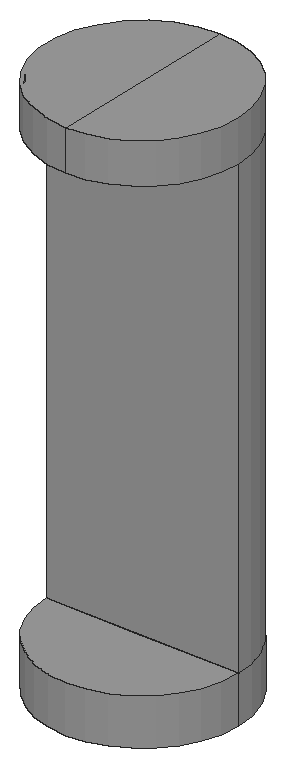
Revit family "99056_HOST_FACE", category Lighting Fixtures, host Face, Revit 2015
Parameters (values of type "Bollards")
  Wattage = 10.1318 W
  built-in parameter 1150110 = 1 (stored number, unit not read)
  URL = "www.bega-us.com"
  built-in parameter 1114217 = 1 (stored number, unit not read)
  Tilt Angle = 90.00°
  built-in parameter 1150109 = 1 (stored number, unit not read)
  built-in parameter 1150134 = (empty or 0)
  Telephone = "805.684.0533"
  built-in parameter 1150113 = 1 (stored number, unit not read)
  Photometric Web File = "99056.ies"
  Model = "99 056"
  Manufacturer = "BEGA-US"
  built-in parameter 1150105 = 119.76 (stored number, unit not read)
  Lumens = 1505 lm
  built-in parameter 1150115 = 1 (stored number, unit not read)
  built-in parameter 1150137 = (empty or 0)
  built-in parameter 1150139 = (empty or 0)
  built-in parameter 1150112 = 1 (stored number, unit not read)
  built-in parameter 1150114 = 1 (stored number, unit not read)
  Lamp = "18.9W LED"
  built-in parameter 1150132 = 2
  built-in parameter 1150102 = (empty or 0)
  built-in parameter 1150107 = 3000 (stored number, unit not read)
  built-in parameter 1150138 = (empty or 0)
  built-in parameter 1150106 = 1.1976 (stored number, unit not read)
  built-in parameter 1150104 = 13.8 (stored number, unit not read)
  Dimming Lamp Color Temperature Shift = <None>
  Description = "LED Bollard with shielded light source"
  Default Elevation = 0' - 0"
  Color Filter = 16777215
  built-in parameter 1114218 = 1 (stored number, unit not read)
  built-in parameter 1150133 = 10 (stored number, unit not read)
Types (4): name | Wattage | built-in parameter 1150134 | Photometric Web File | Model | built-in parameter 1150105 | Lumens | Lamp | built-in parameter 1150107 | built-in parameter 1150106 | Description | Default Elevation
  (no name) | 10.1318 W | (empty or 0) | "99056.ies" | "99 056" | 119.76 (stored number, unit not read) | 1505 lm | "18.9W LED" | 3000 (stored number, unit not read) | 1.1976 (stored number, unit not read) | "LED Bollard with shielded light source" | 0' - 0"
  Wall Luminaires - Directed Light | 18.4392 W | (empty or 0) | "generic" | "2260LED" | 217.96 (stored number, unit not read) | 2739 lm | "44.6W LED" | 3000 (stored number, unit not read) | 2.1796 (stored number, unit not read) | "Surface wall with cutoff optics" | 6' - 0"
  Wall Luminaires - Linear | 9.92985 W | 9 | "generic" | "4425P" | 117.38 (stored number, unit not read) | 1475 lm | "(1) 39W CF twin-4-p" | 3450 (stored number, unit not read) | 1.1738 (stored number, unit not read) | "Suface wall - linear with white acrylic diffuser" | 0' - 0"
  Bollards | 10.1318 W | (empty or 0) | "99056.ies" | "99 056" | 119.76 (stored number, unit not read) | 1505 lm | "18.9W LED" | 3000 (stored number, unit not read) | 1.1976 (stored number, unit not read) | "LED Bollard with shielded light source" | 0' - 0"
Reference planes (in)
  plane 1 "Center (Front/Back)": y = 0
  plane 2: z = 0
  plane 3 "Center (Left/Right)": x = 0
Dimensions and locks (in)
  aligned and locked: plane 2 to host face
  aligned and locked: level to host face
Nested families (in)
  nested 1: "99056" at (0, 0, 0), type "99056"
Connectors (in)
  electrical at (0, 0, 0)
    settings: on host face, index 1, voltage 0 V, apparent load 0 VA, apparent load phase1 0 VA, apparent load phase2 0 VA, apparent load phase3 0 VA, power factor 1, load classification "Other", number of poles 1, system type 31, power factor state 1, is connector primary yes, connector utility no, sub classification motor no, connector description ""
Definition of nested family "99056"
  Reference planes (in)
    plane 1 "Center (Front/Back)": y = 0
    plane 2: z = 0
    plane 3 "Center (Left/Right)": x = 0
  Forms (in)
    Revolve 1, solid
      sketch origin (0, 0, 0) x (1, 0, 0) y (0, 0, 1)
        loop
          line (0, 0) -> (3.8125, 0) -> (3.8125, 1.875) -> (0, 1.875) -> (0, 0)
        axis (0, 1.875) -> (0, 0)
      angle from 0 to 360
    Extrusion 2, solid
      sketch origin (0, 0, 0) x (1, 0, 0) y (0, 1, 0)
        loop
          line (-3.8125, 0) -> (3.8125, 0)
          arc (3.8125, 0) -> (0, 3.8125) -> (-3.8125, 0) r 3.8125
        loop
          line (-3.68538, 0.125) -> (3.68538, 0.125)
          arc (3.68538, 0.125) -> (0, 3.6875) -> (-3.68538, 0.125) r 3.6875
      from 1.875 to 20
    Revolve 3, solid
      sketch origin (0, 0, -17.75) x (0, 1, 0) y (0, 0, 1)
        loop
          line (0, 37.75) -> (3.8125, 37.75) -> (3.8125, 39.375) -> (0, 39.375) -> (0, 39.25) -> (3.6875, 39.25) -> (3.6875, 37.875) -> (0, 37.875) -> (0, 37.75)
        axis (0, 39.375) -> (0, 37.75)
      angle from 0 to 360
    Extrusion 4, void
      sketch origin (0, 0, -17.75) x (1, 0, 0) y (0, 1, 0)
        loop
          line (3.27455, -0.5) -> (-3.27455, -0.5)
          arc (-3.27455, -0.5) -> (0, -3.3125) -> (3.27455, -0.5) r 3.3125
      from 37.75 to 37.875
    Extrusion 5, solid
      sketch origin (0, 0, -17.75) x (1, 0, 0) y (0, 1, 0)
        loop
          line (3.27455, -0.5) -> (-3.27455, -0.5)
          arc (-3.27455, -0.5) -> (0, -3.3125) -> (3.27455, -0.5) r 3.3125
      from 37.875 to 37.75
  Cuts and joins
    Extrusion 4 cuts Revolve 3
  Dimensions and locks (in)
    aligned and locked: plane 2 to level
